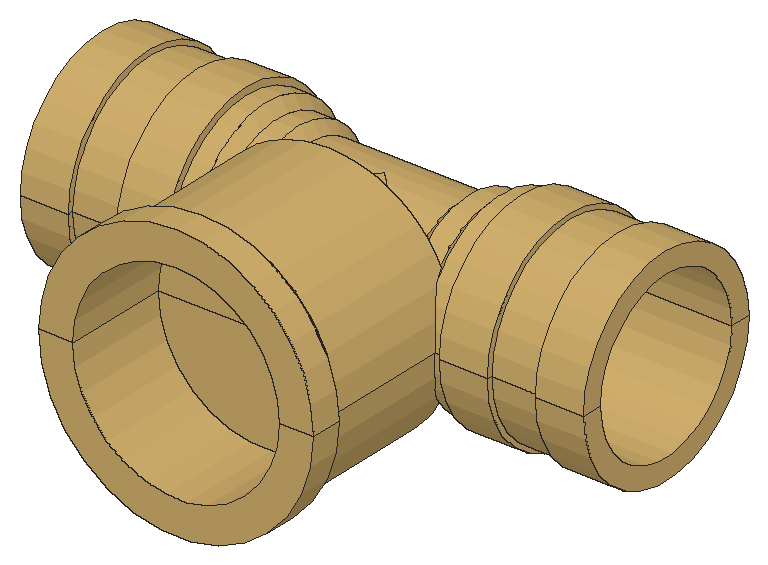
Revit family "PEX_Te_Feme", category Pipe Fittings, Revit 2025
Family settings
  Round Connector Dimension = Use Radius
  Part Type = Tee
  OmniClass Number = 23.60.30.11.14
  OmniClass Title = Pipework Fittings
  Work Plane-Based = No
  Always vertical = Yes
  Cut with Voids When Loaded = No
  Shared = No
Parameters
  Ângulo = 90.00°
  URL = "https://www.ultrapex.com.br/_files/ugd/9f3173_32d47a29bbff48b5af4781a5d529eee8.pdf"
  ULTRAPEX: Versão = "01"  # constant formula
  ULTRAPEX: Norma Técnica = "NBR 15939"  # constant formula
  ULTRAPEX: Descrição [instance] = size_lookup(LookupTable, "DES", "Produto Inexistente", DN1, DN2)  # "Tê Femea 16x1/2\" - ULTRAPEX"
  ULTRAPEX: Código [instance] = size_lookup(LookupTable, "COD", 0, DN1, DN2)  # 9151612
  Type Image = Tê Fêmea.png
  RN2 [instance] = 10 mm
  RN1 [instance] = 8 mm
  Material = Latão - Ultrapex
  LookupTable [instance] = "Tê Fêmea - ULTRAPEX"
  IfcExportAs = "IfcPipeFittingType.CONNECTOR"  # constant formula
  Manufacturer = "UltraPEX"  # constant formula
  Default Elevation = 0.000 mm
  Description = "Tê Fêmea - ULTRAPEX"
  DN2 Nominal [instance] = RN2 * 2  # 20 mm
  DN2 [instance] = if(DN2 Nominal = 20.000 mm, 20.100 mm, if(DN2 Nominal = 25.000 mm, 26.400 mm, if(DN2 Nominal = 32.000 mm, 33.400 mm, 20.000 mm)))  # 20.100 mm
  DN1 [instance] = RN1 * 2  # 16 mm
  Cota J [instance] = Cota E + 2 * Cota F  # 54.700 mm
  Cota H [instance] = size_lookup(LookupTable, "H", 6.000 mm, DN1, DN2)  # 6.000 mm
  Cota I [instance] = Cota D / 2  # 7.250 mm
  Cota G [instance] = size_lookup(LookupTable, "G", 2.100 mm, DN1, DN2)  # 2.100 mm
  Cota F [instance] = size_lookup(LookupTable, "F", 14.000 mm, DN1, DN2)  # 14.000 mm
  Cota E [instance] = size_lookup(LookupTable, "E", 26.700 mm, DN1, DN2)  # 26.700 mm
  Cota D [instance] = size_lookup(LookupTable, "D", 14.500 mm, DN1, DN2)  # 14.500 mm
  Cota C [instance] = size_lookup(LookupTable, "C", 10.300 mm, DN1, DN2)  # 10.300 mm
  Cota B [instance] = size_lookup(LookupTable, "B", 34.600 mm, DN1, DN2)  # 34.600 mm
  Cota A [instance] = size_lookup(LookupTable, "A", 57.600 mm, DN1, DN2)  # 53.600 mm
  Alerta [instance] = if(ULTRAPEX: Código = 0, 1 = 1, 1 = 0)  # no
Reference planes
  plane 1 "Centro (Frente/Trás)": y = 0
  plane 2: z = 0
  plane 3 "Centro (Esquerda/Direita)": x = 0
  plane 4: x = -10.05
  plane 5: x = 10.05
  plane 6: y = -7.25
  plane 7: y = 7.25
  plane 8: x = -26.8
  plane 9: x = 26.8
  plane 10: x = -13.35
  plane 11: x = 13.35
  plane 12: x = -7.35
  plane 13: x = 7.35
  plane 14: y = -14.95
  plane 15: y = -25.25
  plane 16: y = 9.35
  plane 17: y = -9.35
Forms (mm)
  Sweep 1, solid, material "Latão - Ultrapex" <- "Material", detail levels fine
    path origin (0, 0, 0) x (1, 0, 0) y (0, 1, 0)
      loop
        line (-7.35, 0) -> (7.35, 0)
    profile origin (0, 0, 0) x (0, 1, 0) y (0, 0, 1)
      loop
        circle (0, 0) r 7.25
  Revolve 2, solid, material "Latão - Ultrapex" <- "Material", detail levels fine
    sketch origin (0, 0, 0) x (-1, 0, 0) y (0, 1, 0)
      loop
        line (8.4, -8.3) -> (10.35, -8.3) -> (11.4, -9.35) -> (13.35, -9.35) -> (13.35, 0) -> (7.35, 0) -> (7.35, -7.25) -> (8.4, -8.3)
      axis (13.35, 0) -> (7.35, 0)
    angle from 0 to 360
  Revolve 3, solid, material "Latão - Ultrapex" <- "Material", detail levels fine
    sketch origin (0, 0, 0) x (1, 0, 0) y (0, 1, 0)
      loop
        line (8.4, -8.3) -> (10.35, -8.3) -> (11.4, -9.35) -> (13.35, -9.35) -> (13.35, 0) -> (7.35, 0) -> (7.35, -7.25) -> (8.4, -8.3)
      axis (13.35, 0) -> (7.35, 0)
    angle from 0 to 360
  Revolve 4, solid, material "Latão - Ultrapex" <- "Material", detail levels fine
    sketch origin (0, 0, 0) x (1, 0, 0) y (0, 1, 0)
      loop
        line (0, -14.95) -> (10.05, -14.95) -> (10.05, -25.25) -> (13.35, -25.25) -> (13.35, -22.25) -> (12.35, -21.25) -> (12.35, -6.75) -> (7.25, -3.806) -> (7.25, 0) -> (0, 0) -> (0, -14.95)
      axis (0, -25.25) -> (0, 0)
    angle from 0 to 360
Cuts and joins
  joined: Sweep 1, Revolve 2, Revolve 3, Revolve 4
Lines and regions (mm)
  model lines, style "PipeFittingCenterLine", detail levels coarse+medium
    curve 1: line (-13.35, 0, 0) -> (13.35, 0, 0)
    curve 2: line (0, 0, 0) -> (0, -25.25, 0)
Dimensions and locks
  equal spacing: plane 6, plane 1 "Centro (Frente/Trás)", plane 7  (x2)
  equal spacing: plane 4, plane 3 "Centro (Esquerda/Direita)", plane 5
  "DN2": plane 4 to plane 5
  equal spacing: plane 10, plane 3 "Centro (Esquerda/Direita)", plane 11
  "Cota E": plane 10 to plane 11
  "Cota D": plane 6 to plane 7
  plane 6 to Revolve 2 sketch curve = 1.050 mm
  "Cota H": plane 10 to plane 12
  "Cota H": plane 13 to plane 11
  equal spacing: plane 10, Revolve 2 sketch curve, plane 12
  Revolve 3 sketch curve to plane 6 = 1.050 mm
  equal spacing: plane 13, Revolve 3 sketch curve, plane 11
  "Cota C": plane 15 to plane 14
  "Cota B": plane 15 to plane 16
  locked: Revolve 4 sketch curve to plane 15 at 3
  locked: Revolve 4 sketch curve to plane 11 at 1
  locked: plane 6 to Revolve 4 sketch curve at 0.5
  "Cota I": plane 3 "Centro (Esquerda/Direita)" to Revolve 4 sketch curve
  "Cota G": plane 7 to plane 16
  equal spacing: plane 17, plane 1 "Centro (Frente/Trás)", plane 16
  "Cota D": diameter of Sweep 1 sketch curve
  locked: plane 6 to Revolve 2 sketch curve (angle 45.00°)
  locked: Revolve 3 sketch curve to plane 6 (angle 45.00°)
  locked: Revolve 4 sketch curve to plane 1 "Centro (Frente/Trás)" (angle 30.00°)
  aligned and locked: plane 2 to level
  aligned and locked: plane 1 "Centro (Frente/Trás)" to Sweep 1 sketch curve
  aligned and locked: nested 1 to plane 1 "Centro (Frente/Trás)"
  aligned and locked: plane 12 to Revolve 2 sketch curve  (x2)
  aligned and locked: plane 12 to Sweep 1 sketch curve
  aligned and locked: plane 13 to Sweep 1 sketch curve
  aligned and locked: Revolve 3 sketch curve to plane 11
  aligned and locked: Revolve 3 sketch curve to plane 13
  aligned and locked: Revolve 3 sketch curve to plane 1 "Centro (Frente/Trás)"  (x2)
  aligned and locked: nested 2 to plane 11
  aligned and locked: nested 1 to plane 10
  aligned and locked: plane 3 "Centro (Esquerda/Direita)" to curve 2
  aligned and locked: plane 1 "Centro (Frente/Trás)" to curve 1
  aligned and locked: plane 10 to curve 1
  aligned and locked: plane 11 to curve 1
  aligned and locked: Revolve 4 sketch curve to plane 15
  aligned and locked: plane 11 to Revolve 4 sketch curve
  aligned and locked: plane 1 "Centro (Frente/Trás)" to Revolve 4 sketch curve
  aligned and locked: plane 3 "Centro (Esquerda/Direita)" to Revolve 4 sketch curve  (x2)
  aligned and locked: plane 5 to Revolve 4 sketch curve
  aligned and locked: plane 14 to Revolve 4 sketch curve
  aligned and locked: plane 17 to Revolve 2 sketch curve
  aligned and locked: Revolve 3 sketch curve to plane 17
  aligned and locked: plane 15 to curve 2
Automatic sketch dimensions
  plane 1 "Centro (Frente/Trás)" to Revolve 2 sketch curve = 0.000 mm  (x2)
  Revolve 2 sketch curve to plane 4 = 0.000 mm
  Revolve 2 sketch curve to plane 10 = 0.000 mm
  plane 6 to Revolve 2 sketch curve = 0.000 mm
  Revolve 2 sketch curve to plane 6 = 1.050 mm
  Revolve 2 sketch curve to Revolve 2 sketch curve = 1.050 mm
  Revolve 2 sketch curve to Revolve 2 sketch curve = 0.550 mm
  Revolve 3 sketch curve to plane 5 = 0.000 mm
  plane 6 to Revolve 3 sketch curve = 0.000 mm
  plane 6 to Revolve 3 sketch curve = 1.050 mm
  Revolve 3 sketch curve to Revolve 3 sketch curve = 1.050 mm
  Revolve 3 sketch curve to Revolve 3 sketch curve = 0.550 mm
  Sweep 1 sketch curve to level = 0.000 mm
  Sweep 1 sketch curve to profile plane = 0.000 mm
  plane 14 to Revolve 4 sketch curve = 0.000 mm
  plane 1 "Centro (Frente/Trás)" to Revolve 4 sketch curve = 0.000 mm
  Revolve 4 sketch curve to Revolve 4 sketch curve = 1.000 mm
Nested families
  nested 1: "Anel Deslizante - ULTRAPEX" at (-13.35, 0, 0) x (0, 1, 0) z (0, 0, 1), Diâmetro Nominal <- "DN1", type "Anel Deslizante - ULTRAPEX"
    with ULTRAPEX: Descrição "Anel Deslizante 16 mm - ULTRAPEX", ULTRAPEX: Código 9040016, Diâmetro Nominal 16 mm, DN 16.000 mm, Cota C 4.667 mm, Cota B 14.000 mm, Cota A 20.000 mm
  nested 2: "Anel Deslizante - ULTRAPEX" at (13.35, 0, 0) x (0, 1, 0) z (0, 0, 1), Diâmetro Nominal <- "DN1", type "Anel Deslizante - ULTRAPEX"
    with ULTRAPEX: Descrição "Anel Deslizante 16 mm - ULTRAPEX", ULTRAPEX: Código 9040016, Diâmetro Nominal 16 mm, DN 16.000 mm, Cota C 4.667 mm, Cota B 14.000 mm, Cota A 20.000 mm
Connectors
  piping at (13.35, 0, 0), diameter 16, driven by "RN1", driven by "Ângulo"
    settings: on nested 2, index 1, connector inside diameter 609.6 mm, connector length 0.000 mm, flow factor 0, pipe flow 0.0 L/s, pressure drop 0.0 Pa, fitting loss kfactor 0, connector angle 90.00°, fixture units 0, engagement length 0.000 mm, angle of deflection 0.00°, flow configuration 0, flow direction 0, fitting loss method 0, system type 28, joint type 0, gender type 0, connector reference index 2, connector utility 0, adjustable connector no, is connector primary no, connector description ""
  piping at (-13.35, 0, 0), diameter 16, driven by "RN1", driven by "Ângulo"
    settings: on nested 1, index 2, connector inside diameter 609.6 mm, connector length 0.000 mm, flow factor 0, pipe flow 0.0 L/s, pressure drop 0.0 Pa, fitting loss kfactor 0, connector angle 90.00°, fixture units 0, engagement length 0.000 mm, angle of deflection 0.00°, flow configuration 0, flow direction 0, fitting loss method 0, system type 28, joint type 0, gender type 0, connector reference index 1, connector utility 0, adjustable connector no, is connector primary yes, connector description ""
  piping at (0, -14.95, 0), diameter 20, driven by "RN2"
    settings: on cut or joined group of Sweep 1, Revolve 2, Revolve 3, Revolve 4, index 3, connector inside diameter 609.6 mm, connector length 0.000 mm, flow factor 0, pipe flow 0.0 L/s, pressure drop 0.0 Pa, fitting loss kfactor 0, connector angle 0.00°, fixture units 0, engagement length 0.000 mm, angle of deflection 0.00°, flow configuration 0, flow direction 0, fitting loss method 0, system type 28, joint type 0, gender type 0, connector reference index -1, connector utility 0, adjustable connector no, is connector primary no, connector description ""
Definition of nested family "Anel Deslizante - ULTRAPEX"
  Parameters (values of type "ANEL DESLIZANTE 16mm")
    URL = "https://www.ultrapex.com.br/_files/ugd/9f3173_32d47a29bbff48b5af4781a5d529eee8.pdf"
    ULTRAPEX: Versão = "00"  # constant formula
    ULTRAPEX: Norma Técnica = "NBR 15939"  # constant formula
    ULTRAPEX: Descrição [instance] = size_lookup(LookupTable, "DES", "Produto Inexistente", Diâmetro Nominal)  # "Anel Deslizante 16 mm - ULTRAPEX"
    ULTRAPEX: Código [instance] = size_lookup(LookupTable, "COD", 0, Diâmetro Nominal)  # 9040016
    Type Image = element 369660
    Material = none
    LookupTable = "Anel Deslizante - ULTRAPEX"  # constant formula
    IfcExportAs = "IfcPipeFittingType.CONNECTOR"  # constant formula
    Manufacturer = "UltraPEX"  # constant formula
    Default Elevation = 0.000 mm
    Diâmetro Nominal [instance] = 16 mm
    Description = "Anel Deslizante - ULTRAPEX"
    DN [instance] = size_lookup(LookupTable, "DN", 16.000 mm, Diâmetro Nominal)  # 16.000 mm
    Cota C [instance] = Cota B / 3  # 4.667 mm
    Cota B [instance] = size_lookup(LookupTable, "B", 14.000 mm, Diâmetro Nominal)  # 14.000 mm
    Cota A [instance] = size_lookup(LookupTable, "A", 20.000 mm, Diâmetro Nominal)  # 20.000 mm
  Reference planes
    plane 1 "Centro (Frente/Trás)": y = 0
    plane 2: z = 0
    plane 3 "Centro (Esquerda/Direita)": x = 0
    plane 4: x = 8
    plane 5: x = -8
    plane 6: x = -10
    plane 7: x = 10
    plane 8: y = 14
  Forms (mm)
    Revolve 1, solid, material <- "Material", detail levels fine
      sketch origin (0, 0, 0) x (1, 0, 0) y (0, 1, 0)
        loop
          line (10, 0) -> (10, 14) -> (8, 14) -> (8, 0) -> (10, 0)
        axis (0, 0) -> (0, 14)
      angle from 0 to 360
    Revolve 2, void
      sketch origin (0, 0, 0) x (1, 0, 0) y (0, 1, 0)
        loop
          line (-10.952, 9.333) -> (-10.952, 4.667) -> (-9.524, 4.667) -> (-9.524, 9.333) -> (-10.952, 9.333)
        axis (0, 4.667) -> (0, 9.333)
      angle from 0 to 360
  Cuts and joins
    Revolve 2 cuts Revolve 1
  Lines and regions (mm)
    model lines, detail levels coarse+medium
      curve 1: line (0, 0, 0) -> (0, 14, 0)
  Dimensions and locks
    "DN": plane 5 to plane 4
    "Cota A": plane 6 to plane 7
    equal spacing: plane 6, plane 3 "Centro (Esquerda/Direita)", plane 7
    equal spacing: plane 5, plane 3 "Centro (Esquerda/Direita)", plane 4
    "Cota B": plane 1 "Centro (Frente/Trás)" to plane 8
    "Cota C": Revolve 2 sketch curve to plane 8
    "Cota C": plane 1 "Centro (Frente/Trás)" to Revolve 2 sketch curve
    locked: plane 6 to Revolve 2 sketch curve at 0.476
    locked: Revolve 2 sketch curve to Revolve 2 sketch curve at 1.428
    aligned and locked: level to plane 2
    aligned and locked: plane 3 "Centro (Esquerda/Direita)" to Revolve 1 sketch curve
    aligned and locked: Revolve 1 sketch curve to plane 7
    aligned and locked: plane 4 to Revolve 1 sketch curve
    aligned and locked: plane 1 "Centro (Frente/Trás)" to Revolve 1 sketch curve
    aligned and locked: plane 8 to Revolve 1 sketch curve
    aligned and locked: plane 8 to curve 1
    aligned and locked: plane 1 "Centro (Frente/Trás)" to curve 1
  Automatic sketch dimensions
    plane 1 "Centro (Frente/Trás)" to Revolve 1 sketch curve = 0.000 mm
    Revolve 1 sketch curve to Revolve 1 sketch curve = 0.000 mm
    curve 1 to plane 3 "Centro (Esquerda/Direita)" = 0.000 mm
    Revolve 2 sketch curve to plane 3 "Centro (Esquerda/Direita)" = 0.000 mm
    plane 1 "Centro (Frente/Trás)" to Revolve 2 sketch curve = 0.000 mm
    plane 8 to Revolve 2 sketch curve = 2.253 mm
